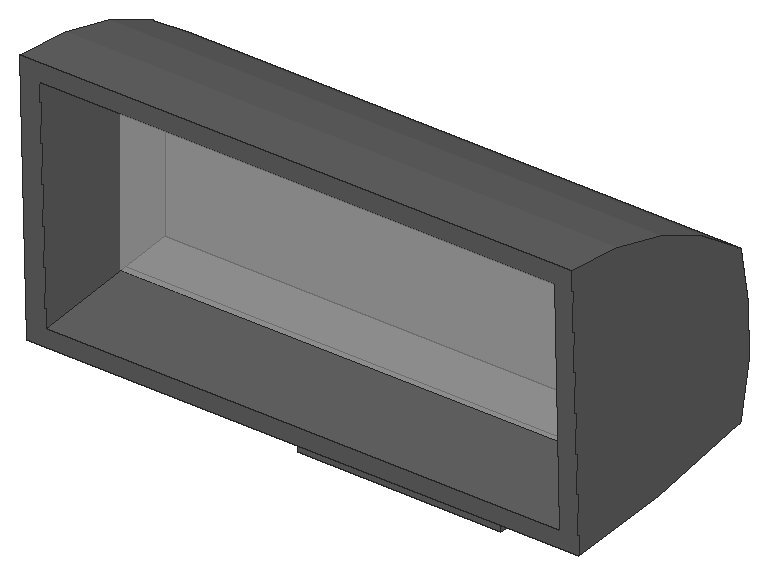
Revit family "FLL - Yoke", category Lighting Fixtures, host Face, Revit 2021
Family settings
  Host = Face
  Round Connector Dimension = Use Diameter
  Part Type = Normal
  OmniClass Number = 23.80.70.14.14
  OmniClass Title = Exterior Floodlights
  Cut with Voids When Loaded = No
  Light Source = No
  Shared = Yes
  Room Calculation Point = No
Parameters (values of type "FLL")
  Voltage = 120 V
  URL = "https://www.currentlighting.com/exo"
  Total Input Wattage = 97 W
  Tilt Angle = 0.00°
  Stand = Black
  Product Page URL = ""
  Product Documentation Link = ""
  Pivot calc. = 89.00° + Pivot Angle + 1.00°  # 90.00°
  Pivot Angle = Tilt Angle  # 0.00°
  Photometric Web = Web ARF3 - Yoke : ARF3-X-42L3K-700-M-U
  Model = "FLL"  # constant formula
  Manufacturer = "EXO"  # constant formula
  Lens = White Glass
  Finish = Black
  Description = "Office buildings, monuments, facades, columns, flag poles, bridges, commercial, mixed retail, apartments, schools and campuses"  # constant formula
  Default Elevation = 48.000"
  Apparent Load = 0 VA
Reference planes (in)
  plane 1 "Center (Front/Back)": y = 0
  plane 2: z = 0
  plane 3 "Center (Left/Right)": x = 0
  plane 4: z = 2
  plane 5: z = 2
  plane 6: x = 2.75
  plane 7: y = -0.75
  plane 8: y = 0.75
  plane 9: x = -2.75
  plane 10: x = -2.5
  plane 11: x = 2.5
Forms (in)
  Extrusion 1, solid, material "Black" <- "Stand"
    sketch origin (0, 0, 0) x (0, 1, 0) y (0, 0, 1)
      loop
        line (-0.75, 0) -> (0.75, 0) -> (0.75, 2)
        arc (0.75, 2) -> (0, 2.75) -> (-0.75, 2) r 0.75
        line (-0.75, 2) -> (-0.75, 0)
    from -2.75 to 2.75
  Extrusion 2, void
    sketch origin (0, 0, 0) x (0, 1, 0) y (0, 0, 1)
      loop
        arc (0.75, 2) -> (0, 2.75) -> (-0.75, 2) r 0.75
        line (-0.75, 2) -> (-0.75, 0.25) -> (0.75, 0.25) -> (0.75, 2)
    from -2.5 to 2.5
  Extrusion 3, void
    sketch origin (0, 0, 0) x (1, 0, 0) y (0, 1, 0)
      loop
        circle (0, 0) r 0.4375
      loop
        circle (1.5625, 0) r 0.26562
      loop
        circle (-1.5625, 0) r 0.26562
    from 0 to 0.25
Cuts and joins
  Extrusion 2, Extrusion 3 cuts Extrusion 1
Lines and regions (in)
  reference lines
    curve 1: line (0, 0, 2) -> (0, 0, 0.50316)
Dimensions and locks (in)
  locked: plane 4 to plane 2 at 2
  locked: plane 6 to plane 3 "Center (Left/Right)" at 2.75
  equal spacing: plane 7, plane 1 "Center (Front/Back)", plane 8
  locked: plane 1 "Center (Front/Back)" to plane 8 at 0.75
  plane 6 to plane 3 "Center (Left/Right)" = 2.750"
  equal spacing: plane 6, plane 3 "Center (Left/Right)", plane 9
  locked: plane 9 to plane 10 at 0.25
  equal spacing: plane 10, plane 3 "Center (Left/Right)", plane 11
  locked: Extrusion 2 sketch curve to level at 0.25
  locked: Extrusion 3 sketch curve to plane 1 "Center (Front/Back)" at 0
  Extrusion 3 sketch curve to Extrusion 3 sketch curve = 3.125"
  locked: plane 3 "Center (Left/Right)" to Extrusion 3 sketch curve at 1.5625
  locked: plane 1 "Center (Front/Back)" to Extrusion 3 sketch curve
  locked: Extrusion 3 sketch curve to nested 1
  radius of Extrusion 3 sketch curve = 0.26562"
  locked: curve 1 to plane 5 (angle 90.00°)
  "Pivot calc.": angle plane 1 "Center (Front/Back)" to plane 5
  aligned and locked: plane 2 to host face
  aligned and locked: level to host face
  aligned and locked: plane 1 "Center (Front/Back)" to curve 1
  aligned and locked: plane 5 to curve 1
  aligned and locked: plane 3 "Center (Left/Right)" to nested 1
  aligned and locked: nested 1 to curve 1
  aligned and locked: plane 5 to nested 1
  aligned and locked: plane 7 to Extrusion 1 sketch curve
  aligned and locked: level to Extrusion 1 sketch curve
  aligned and locked: Extrusion 1 sketch curve to plane 8
  aligned and locked: plane 4 to Extrusion 1 sketch curve  (x2)
  aligned and locked: plane 9 to Extrusion 1
  aligned and locked: plane 6 to Extrusion 1
  aligned and locked: Extrusion 2 sketch curve to Extrusion 1
  aligned and locked: Extrusion 1 to Extrusion 2 sketch curve
  aligned and locked: nested 1 to Extrusion 2
  aligned and locked: Extrusion 2 to nested 1
  aligned and locked: Extrusion 3 to level
  aligned and locked: Extrusion 3 to Extrusion 2
  aligned and locked: nested 2 to plane 3 "Center (Left/Right)"
  aligned and locked: nested 2 to nested 1
Automatic sketch dimensions
  host sketch curve to host sketch curve = 96.000"  (x2)
  plane 1 "Center (Front/Back)" to Extrusion 3 sketch curve = 0.000"
  radius of Extrusion 3 sketch curve = 0.4375"
  radius of Extrusion 3 sketch curve = 0.26562"
Nested families (in)
  nested 1: "ARF3 Architectural 42 LED Floodlight - Yoke" at (0, 0, 0), Finish <- "Finish", Lens <- "Lens", type "ARF3 Architectural 42 LED Floodlight - Yoke"
    with Lens White Glass, Finish Black
  nested 2: "Web ARF3 - Yoke" at (-0.23896, -1.5, 6.03999) x (-1, 0, 0) z (0, -1, 0), type <- "Photometric Web", type "ARF3-X-42L3K-700-M-U"
Connectors (in)
  electrical at (0, 0, 2.5), driven by "Voltage", driven by "Description"
    settings: on nested 1, index 1, voltage 120 V, apparent load 0 VA, apparent load phase1 0 VA, apparent load phase2 0 VA, apparent load phase3 0 VA, power factor 1, load classification "Other", number of poles 1, system type 30, power factor state 1, is connector primary yes, connector utility no, sub classification motor no, connector description "Office buildings, monuments, facades, columns, flag poles, bridges, commercial, mixed retail, apartments, schools and campuses"
Definition of nested family "ARF3 Architectural 42 LED Floodlight - Yoke"
  Parameters
    URL = "http://www.spauldinglighting.com/"
    Product Page URL = ""
    Product Documentation Link = ""
    Manufacturer Phone = "(864)-678-1000"  # constant formula
    Manufacturer Fax = "(866)-898-1065"  # constant formula
    Manufacturer = "Spaulding Lighting"  # constant formula
    Lens [instance] = none
    Finish [instance] = none
    Default Elevation = 48.000"
  Reference planes (in)
    plane 1 "Center (Front/Back)": y = 0
    plane 2: z = 0
    plane 3 "Center (Left/Right)": x = 0
    plane 4: z = 2
    plane 5: y = 1.75
    plane 6: y = -4.25
    plane 7: x = -7.45
    plane 8: x = 7.45
    plane 9: z = 9.5
    plane 10: x = -2.5
    plane 11: z = 2.5
    plane 12: x = -6.95
    plane 13: x = 6.95
    plane 14: y = -1.5
    plane 15: y = -1.35
    plane 16: z = 6
    plane 17: x = 2.5
    plane 18: x = 2.25
    plane 19: x = -2.25
  Forms (in)
    Extrusion 1, solid, material <- "Finish"
      sketch origin (0, 0, 0) x (0, 1, 0) y (0, 0, 1)
        loop
          line (-0.75, 3.25) -> (-0.75, 2)
          arc (-0.75, 2) -> (0, 1.25) -> (0.75, 2) r 0.75
          line (0.75, 2) -> (0.75, 3.25) -> (-0.75, 3.25)
        loop
          circle (0, 2) r 0.25
      from -2.5 to 2.5
    Extrusion 2, solid, material <- "Finish"
      sketch origin (0, 0, 0) x (0, 1, 0) y (0, 0, 1)
        loop
          arc (-4.25, 9.5) -> (-4.02399, 6.00687) -> (-4.02065, 2.50643) r 55
          arc (-4.02065, 2.50643) -> (-1.28595, 2.75216) -> (1.40323, 3.30646) r 24.16962
          arc (1.40323, 3.30646) -> (1.4477, 3.33193) -> (1.47362, 3.37613) r 0.09964
          arc (1.47362, 3.37613) -> (1.75304, 5.43584) -> (1.47052, 7.49512) r 7.68851
          arc (1.47052, 7.49512) -> (1.45227, 7.53499) -> (1.42256, 7.56725) r 0.13982
          arc (1.42256, 7.56725) -> (-1.24754, 9.02137) -> (-4.25, 9.5) r 8.9698
      from -7.45 to 7.45
    Extrusion 3, void
      sketch origin (0, 0, 0) x (0, 1, 0) y (0, 0, 1)
        loop
          line (-4.25, 9) -> (-4.25, 2.90205) -> (0, 3.42388) -> (0, 8.17388)
          arc (0, 8.17388) -> (-2.09232, 8.75505) -> (-4.25, 9) r 13.76784
      from -6.95 to 6.95
    Extrusion 4, solid, material <- "Lens"
      sketch origin (0, 0, 0) x (0, 1, 0) y (0, 0, 1)
        loop
          line (-1.5, 3.23971) -> (-1.35, 3.25812) -> (-1.35, 8.58935)
          arc (-1.35, 8.58935) -> (-1.42495, 8.60805) -> (-1.5, 8.62632) r 13.76784
          line (-1.5, 8.62632) -> (-1.5, 3.23971)
      from -6.95 to 6.95
    Extrusion 5, void
      sketch origin (0, 0, 0) x (0, 1, 0) y (0, 0, 1)
        loop
          line (-0.75, 2.5) -> (-0.75, 2)
          arc (-0.75, 2) -> (0, 1.25) -> (0.75, 2) r 0.75
          line (0.75, 2) -> (0.75, 2.5) -> (-0.75, 2.5)
      from -2.25 to 2.25
  Cuts and joins
    Extrusion 3, Extrusion 5 cuts Extrusion 1
    Extrusion 3, Extrusion 5 cuts Extrusion 2
    joined: Extrusion 1, Extrusion 2
  Lines and regions (in)
    reference lines
      curve 1: line (0, 0, 2) -> (0, 2.06819, 1.34244)
      curve 2: line (0, -5.25, 6) -> (0, 3.47, 6)
  Dimensions and locks (in)
    locked: plane 4 to plane 2 at 2
    locked: plane 6 to plane 5 at 6
    locked: plane 1 "Center (Front/Back)" to plane 5 at 1.75
    equal spacing: plane 8, plane 3 "Center (Left/Right)", plane 7
    locked: plane 8 to plane 7 at 14.9
    locked: plane 3 "Center (Left/Right)" to plane 10 at 2.5
    locked: plane 11 to plane 4 at 0.5
    locked: plane 9 to plane 11 at 7
    equal spacing: plane 13, plane 3 "Center (Left/Right)", plane 12
    locked: plane 12 to plane 7 at 0.5
    locked: plane 14 to plane 1 "Center (Front/Back)" at 1.5
    locked: plane 14 to plane 15 at 0.15
    equal spacing: plane 9, plane 16, plane 11
    equal spacing: Extrusion 1 sketch curve, plane 1 "Center (Front/Back)", Extrusion 1 sketch curve, locked at 0.75 each
    locked: Extrusion 1 sketch curve to plane 4 at 1.25
    Extrusion 2 sketch curve to Extrusion 2 sketch curve to plane 11 = 4.26079" locked, 0.80646" locked
    locked: Extrusion 2 sketch curve to plane 5 at 0.32744
    locked: Extrusion 2 sketch curve to plane 5 at 0.34677
    locked: Extrusion 3 sketch curve to Extrusion 3 sketch curve at 4.75
    locked: Extrusion 3 sketch curve to Extrusion 3 sketch curve at 6.09795
    equal spacing: plane 17, plane 3 "Center (Left/Right)", plane 10
    locked: plane 19 to plane 10 at 0.25
    equal spacing: plane 18, plane 3 "Center (Left/Right)", plane 19
    radius of Extrusion 2 sketch curve = 55.000"
    aligned and locked: plane 2 to level
    aligned and locked: Extrusion 1 to plane 10
    aligned and locked: Extrusion 2 to plane 7
    aligned and locked: plane 8 to Extrusion 2
    aligned and locked: curve 2 to plane 16
    aligned and locked: plane 4 to Extrusion 1 sketch curve  (x2)
    aligned and locked: Extrusion 3 to plane 12
    aligned and locked: plane 13 to Extrusion 3
    aligned and locked: plane 6 to Extrusion 3 sketch curve
    aligned and locked: plane 1 "Center (Front/Back)" to Extrusion 3 sketch curve
    aligned and locked: plane 14 to Extrusion 4 sketch curve
    aligned and locked: Extrusion 4 sketch curve to plane 15
    aligned and locked: Extrusion 4 sketch curve to cut or joined group of Extrusion 1, Extrusion 2, Extrusion 3, Extrusion 5
    aligned and locked: cut or joined group of Extrusion 1, Extrusion 2, Extrusion 3, Extrusion 5 to Extrusion 4 sketch curve
    aligned and locked: cut or joined group of Extrusion 1, Extrusion 2, Extrusion 3, Extrusion 5 to Extrusion 4  (x2)
    aligned and locked: plane 17 to Extrusion 1
    aligned and locked: Extrusion 5 sketch curve to plane 11
    aligned and locked: cut or joined group of Extrusion 1, Extrusion 2, Extrusion 3, Extrusion 5 to Extrusion 5 sketch curve
    aligned and locked: Extrusion 5 sketch curve to cut or joined group of Extrusion 1, Extrusion 2, Extrusion 3, Extrusion 5
    aligned and locked: Extrusion 5 to plane 19
    aligned and locked: plane 18 to Extrusion 5
  Automatic sketch dimensions
    curve 1 to plane 1 "Center (Front/Back)" = 0.000"
    curve 1 to plane 4 = 0.000"
    curve 2 to plane 6 = 1.000"
    plane 5 to curve 1 = 0.31819"
    plane 5 to curve 2 = 1.720"
    curve 1 to plane 4 = 0.65756"
    Extrusion 2 sketch curve to plane 6 = 0.000"
    Extrusion 2 sketch curve to plane 9 = 0.000"
    Extrusion 2 sketch curve to plane 6 = 0.56285"
    Extrusion 2 sketch curve to plane 16 = 0.56995"
    Extrusion 2 sketch curve to plane 6 = 1.68547"
    plane 11 to Extrusion 2 sketch curve = 1.70414"
    plane 6 to Extrusion 2 sketch curve = 0.10958"
    plane 11 to Extrusion 2 sketch curve = 0.00643"
    Extrusion 2 sketch curve to Extrusion 2 sketch curve = 0.08672"
    Extrusion 2 sketch curve to Extrusion 2 sketch curve = 0.02562"
    Extrusion 2 sketch curve to Extrusion 2 sketch curve = 0.000"  (x3)
    Extrusion 3 sketch curve to plane 6 = 0.46935"
    plane 11 to Extrusion 3 sketch curve = 0.40205"
    plane 11 to Extrusion 3 sketch curve = 0.92388"
    Extrusion 1 sketch curve to Extrusion 1 sketch curve = 0.000"  (x2)
    plane 15 to Extrusion 1 sketch curve = 0.600"
    radius of Extrusion 1 sketch curve = 0.250"
Definition of nested family "Web ARF3 - Yoke"
  Parameters
    Wattage Comments = ""
    Wattage = 32 W
    built-in parameter 1150110 = 1 (stored number, unit not read)
    URL = "http://www.spauldinglighting.com/"
    built-in parameter 1114217 = 1 (stored number, unit not read)
    Tilt Angle = -90.00°
    built-in parameter 1150109 = 1 (stored number, unit not read)
    built-in parameter 1150134 = 3
    built-in parameter 1150113 = 1 (stored number, unit not read)
    Product Page URL = ""
    Product Documentation Link = ""
    Photometric Web File = "ARF3-X-42L3K-070-M-U-XX.ies"
    Model = ""
    Manufacturer Phone = "(864)-678-1000"  # constant formula
    Manufacturer Fax = "(866)-898-1065"  # constant formula
    Manufacturer = "Spaulding Lighting"  # constant formula
    built-in parameter 1150105 = 206.9 (stored number, unit not read)
    Lumens = 2600 lm
    built-in parameter 1150115 = 1 (stored number, unit not read)
    built-in parameter 1150137 = (empty or 0)
    built-in parameter 1150139 = (empty or 0)
    built-in parameter 1150112 = 1 (stored number, unit not read)
    built-in parameter 1150114 = 1 (stored number, unit not read)
    Lamp = ""
    built-in parameter 1150132 = (empty or 0)
    built-in parameter 1150102 = (empty or 0)
    built-in parameter 1150107 = 3200 (stored number, unit not read)
    built-in parameter 1150138 = (empty or 0)
    built-in parameter 1150106 = 2.069 (stored number, unit not read)
    built-in parameter 1150104 = 7.5484 (stored number, unit not read)
    Dimming Lamp Color Temperature Shift = (empty or 0)
    Description = ""
    Default Elevation = 48.000"
    Color Filter = 16777215
    built-in parameter 1114218 = 1 (stored number, unit not read)
    built-in parameter 1150133 = 10 (stored number, unit not read)
  Reference planes (in)
    plane 1 "Center (Front/Back)": y = 0.03999
    plane 2: z = 0
    plane 3 "Center (Left/Right)": x = -0.23896
  Forms (in)
    Extrusion 1, solid
      sketch origin (0, 0, 0.06357) x (1, 0, 0) y (0, 1, 0)
        loop
          line (-48, 48) -> (-48, -48) -> (48, -48) -> (48, 48) -> (-48, 48)
      from -0.06357 to -17.74365
  Lines and regions (in)
    reference lines
      curve 1: line (-0.23896, 0.03999, 18.11448) -> (-0.23896, 0.03999, -22.88552)
      curve 2: line (-0.23896, 0.03999, 34) -> (-0.23896, 0.03999, -22.88552)
  Dimensions and locks (in)
    aligned and locked: plane 2 to Extrusion 1
    aligned and locked: level to Extrusion 1
    aligned and locked: curve 1 to plane 3 "Center (Left/Right)"
    aligned and locked: plane 1 "Center (Front/Back)" to curve 2
    aligned and locked: imposter light to plane 1 "Center (Front/Back)"
